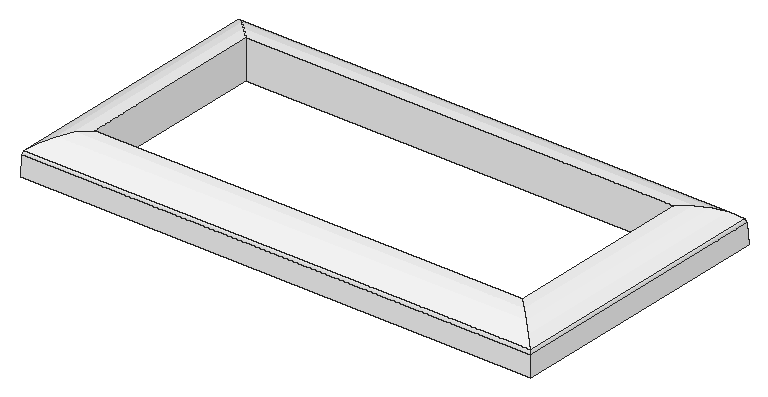
Revit family "Gira_100201", category Electrical Fixtures, host Face, Revit 2017
Family settings
  Host = Face
  Maintain Annotation Orientation = No
  Round Connector Dimension = Use Diameter
  Part Type = Normal
  Cut with Voids When Loaded = No
  Shared = No
  Room Calculation Point = No
Parameters (values of type "Cov.fr. 2-g w/o cb Standard 55 cr.white")
  With mounting grid = "No"
  With hinged lid = "No"
  URL = "http://katalog.gira.de/en/datenblatt.html?artikelnr=100201"
  Type of fastening = "Clamp mounting"
  Transparent = "No"
  Surface protection = "Other"
  Surface finishing = "Glossy"
  Suitable for wall duct = "No"
  Suitable for flush-mounted installation = "Yes"
  Suitable for floor box = "No"
  Suitable for built-in installation = "No"
  RAL-number (akin) = "1013"
  Number of units vertical = "2"
  Number of units horizontal = "2"
  Number of units = "2"
  Name = "Cov.fr. 2-g w/o cb Standard 55 cr.white"
  Mounting direction = "Horizontal and vertical"
  Material quality = "Thermoplastic"
  Material = "Plastic"
  Manufacturer URL = "https://www.gira.de/"
  Manufacturer = "Gira"
  Label space/information surface = "No"
  Keynote = ""
  HeinzeBIM = "https://bimportal.heinze.de/bim/cov-fr-2-g-w-o-cb-standard-55-cr-white/c859fcaffb61bed0bcc206b756359a9bbcb02874"
  Halogen free = "Yes"
  HAN = "100201"
  GTIN = "4010337002017"
  Description = "Cov.fr.2g w o cb Std55 CW,Gira Standard 55 cover frame,cream white glossy,2-gang without crossbar,Features:,- Shatter-proof.,,Notes :,- Also suitable for duct installation.,- In connection with the seal kit, frame (1-gang to 5-gang) is also suitable for installation as water-protected flush-mounted IP44."
  Degree of protection (IP) = "IP20"
  Default Elevation = 1219.2 mm
  Data sheet (1) = "https://katalog.gira.de/en/download.html?artikelnr=100201"
  Colour = "Cream white (electro white)"
  Category = "Cover frame for domestic switching devices"
  BIM (1) = "https://media.stage.bim.site/public/gira/36a6b08/Std55_Rahmen_2fach o.Mittelsteg.rfa?public/gira/36a6b08/Std55_Rahmen_2fach o.Mittelsteg.rfa"
  Available = "No"
Reference planes
  plane 1 "Center (Front/Back)": y = 0
  plane 2: z = 0
  plane 3 "Center (Left/Right)": x = 0
  plane 4: y = -75.9
  plane 5: y = 75.9
  plane 6: x = -40.3
  plane 7: x = 40.3
Forms (mm)
  Sweep 1, solid, material "White", detail levels fine
    path origin (0, 0, 0) x (0, -1, 0) y (1, 0, 0)
      loop
        line (40.3, 75.9) -> (-40.3, 75.9) -> (-40.3, -75.9) -> (40.3, -75.9) -> (40.3, 75.9)
    profile origin (75.9, 0, 0) x (-1, 0, 0) y (0, 0, 1)
      loop
        arc (12.22, 11.373) -> (5.983, 10.294) -> (0.641, 6.901) r 16.145
        arc (0.641, 6.901) -> (0.395, 6.426) -> (0.309, 5.898) r 1.694
        line (0.309, 5.898) -> (0, 0) -> (12.319, 0) -> (12.22, 11.373)
  Extrusion 2, solid, material "White", detail levels coarse+medium
    sketch origin (0, 0, 0) x (0, -1, 0) y (1, 0, 0)
      loop
        line (40.3, 75.9) -> (-40.3, 75.9) -> (-40.3, -75.9) -> (40.3, -75.9) -> (40.3, 75.9)
    from 0 to 11.373
Dimensions and locks
  aligned and locked: plane 2 to host face
  aligned and locked: level to host face
